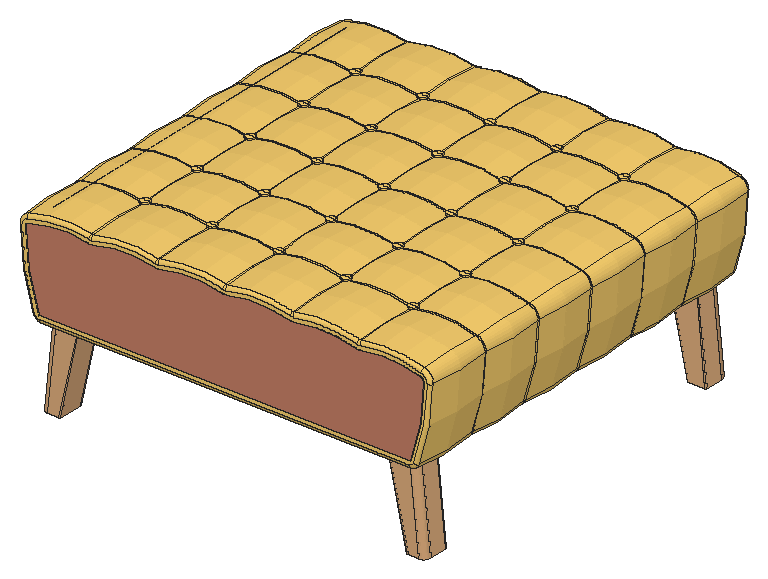
Revit family "Chair-GR8-Multi_Purpose-Allermuir-Grainger", category Furniture, Revit 2012
Parameters (values of type "GR 8")
  ecoScorecard_data = ""
  ecoScorecard Product Page = ""
  White Plastic Back Membrane = no
  Weight = 0.0 lbf
  URL = ""
  Swaged Tubular Steel Legs = ""
  Subcategory = "Soft Seating"
  Stacks = no
  Specifications URL = ""
  Seat = Fabric - Allermuir - Yellow
  Product Page URL = "http://www.allermuir.net/Products.aspx?RangeId=508"
  Product Line = "Grainger"
  Pricing URL = ""
  Plugin Data URL = ""
  Overall Width = 37"  # constant formula
  Overall Height = 16 35/64"  # constant formula
  Overall Depth = 35 19/32"  # constant formula
  Optional Feature Notes = ""
  Model = "GR 8"  # constant formula
  Manufacturer Toll Free Phone = "(888) 887 5806"  # constant formula
  Manufacturer Phone = "(419) 887 5806"  # constant formula
  Manufacturer Fax = "(419) 887 5805"  # constant formula
  Manufacturer Email = "mailto:contact@allermuir-na.com"
  Manufacturer Address = "1630 Holland Road, Maumee, Ohio 43537 "  # constant formula
  Manufacturer = "Allermuir"  # constant formula
  LEED Stats URL = ""
  Inner Seat = Fabric - Allermuir - Brown
  Fabric Spec Sheets = ""
  Description = "Large Ottoman"  # constant formula
  Color Availability = ""
  CAD Blocks URL = ""
  Brochure URL = ""
  Base or Frame [instance] = ""
  Base Type = ""
  Base = Wood - Allermuir -  Teak
  Assembly Code = "E2020200"
  95 CSI = "12510"  # constant formula
  04 CSI = "12 51 00"  # constant formula
Reference planes (in)
  plane 1 "Center Front/Back": y = 0
  plane 2: z = 0
  plane 3 "Center Left/Right": x = 0
  plane 4: z = 16.54687
  plane 5 "Left": x = -18.5
  plane 6 "Right": x = 18.5
  plane 7: y = 17.79688
  plane 8: y = -17.79688
Dimensions and locks (in)
  "Overall Height": plane 4 to level
  equal spacing: plane 5 "Left", plane 3 "Center Left/Right", plane 6 "Right"
  equal spacing: plane 7, plane 1 "Center Front/Back", plane 8
  "Overall Depth": plane 7 to plane 8
  "Overall Width": plane 5 "Left" to plane 6 "Right"
  aligned and locked: plane 3 "Center Left/Right" to nested 1
  aligned and locked: plane 1 "Center Front/Back" to nested 1
Nested families (in)
  nested 1: "GR-8" at (0, 0, 0), type "GR-8"
Definition of nested family "GR-8"
  Parameters (values of type "GR-8")
    Width = 37"
    Seat = Fabric - Allermuir - Yellow
    Legs = Wood - Allermuir -  Teak
    Ineer Seat = Fabric - Allermuir - Brown
    Height = 16 35/64"
    Depth = 35 19/32"
  Reference planes (in)
    plane 1 "Center (Front/Back)": y = 0
    plane 2: z = 0
    plane 3 "Center (Left/Right)": x = 0
    plane 4: z = 16.54688
    plane 5: y = 17.79688
    plane 6: y = -17.79688
    plane 7: x = -12.36546
    plane 8: x = -11.55851
    plane 9: x = -12.36546
    plane 10: x = -11.55851
    plane 11: x = -12.36546
    plane 12: x = -11.55851
    plane 13: x = -12.36546
    plane 14: x = -11.55851
    plane 15: x = -12.36546
    plane 16: x = -11.55851
    plane 17: x = -6.37371
    plane 18: x = -5.56676
    plane 19: x = -6.37371
    plane 20: x = -5.56676
    plane 21: x = -6.37371
    plane 22: x = -5.56676
    plane 23: x = -6.37371
    plane 24: x = -5.56676
    plane 25: x = -6.37371
    plane 26: x = -5.56676
    plane 27: x = -0.40333
    plane 28: x = 0.40362
    plane 29: x = 12.36546
    plane 30: x = 11.55851
    plane 31: x = 12.36546
    plane 32: x = 11.55851
    plane 33: x = 12.36546
    plane 34: x = 11.55851
    plane 35: x = 12.36546
    plane 36: x = 11.55851
    plane 37: x = 12.36546
    plane 38: x = 11.55851
    plane 39: x = 6.37371
    plane 40: x = 5.56676
    plane 41: x = 6.37371
    plane 42: x = 5.56676
    plane 43: x = 6.37371
    plane 44: x = 5.56676
    plane 45: x = 6.37371
    plane 46: x = 5.56676
    plane 47: x = 6.37371
    plane 48: x = 5.56676
    plane 49: x = -0.40333
    plane 50: x = 0.40362
    plane 51: x = -0.40333
    plane 52: x = 0.40362
    plane 53: x = -0.40333
    plane 54: x = 0.40362
    plane 55: x = -0.40333
    plane 56: x = 0.40362
    plane 57: x = -18.5
    plane 58: x = 18.5
  Forms (in)
    Sweep 1, solid, material "Fabric - Allermuir - Yellow" <- "Seat"
      path origin (0, 0, 0) x (1, 0, 0) y (0, 0, 1)
        loop
          arc (-17.01018, 8.1418) -> (-16.7977, 7.8685) -> (-16.46761, 7.7642) r 0.58203
          arc (-16.46761, 7.7642) -> (0.00028, 7.73062) -> (16.46817, 7.76407) r 4045.28692
          arc (16.46817, 7.76407) -> (16.79775, 7.86819) -> (17.0099, 8.14105) r 0.58113
          arc (17.0099, 8.14105) -> (17.91877, 11.46146) -> (18.20641, 14.89196) r 18.78425
          arc (18.20641, 14.89196) -> (18.02869, 15.42367) -> (17.57218, 15.74909) r 0.90625
          arc (17.57218, 15.74909) -> (14.84416, 16.2346) -> (12.08242, 16.00968) r 10.79515
          arc (12.08242, 16.00968) -> (11.96395, 15.9989) -> (11.84629, 16.01642) r 0.5
          arc (11.84629, 16.01642) -> (8.99201, 16.43763) -> (6.11969, 16.16543) r 12.00082
          arc (6.11969, 16.16543) -> (6.00463, 16.15399) -> (5.89002, 16.16928) r 0.5
          arc (5.89002, 16.16928) -> (3.00531, 16.54247) -> (0.11452, 16.21981) r 12.15866
          arc (0.11452, 16.21981) -> (0.00002, 16.20653) -> (-0.11447, 16.21981) r 0.5
          arc (-0.11447, 16.21981) -> (-3.00533, 16.54241) -> (-5.89009, 16.16925) r 12.16047
          arc (-5.89009, 16.16925) -> (-6.0048, 16.15396) -> (-6.11995, 16.16545) r 0.5
          arc (-6.11995, 16.16545) -> (-8.99142, 16.43813) -> (-11.8448, 16.0163) r 11.97522
          arc (-11.8448, 16.0163) -> (-11.96236, 15.99873) -> (-12.08075, 16.00941) r 0.5
          arc (-12.08075, 16.00941) -> (-14.84247, 16.23337) -> (-17.57073, 15.74975) r 10.83804
          arc (-17.57073, 15.74975) -> (-18.02826, 15.42423) -> (-18.20642, 14.89173) r 0.90684
          arc (-18.20642, 14.89173) -> (-17.91882, 11.46173) -> (-17.01018, 8.1418) r 18.78425
      profile origin (-17.91882, 0, 11.46173) x (-0.984657, 0, -0.174502) y (0, -1, 0)
        loop
          arc (0.20725, -11.66588) -> (0.41371, -8.83623) -> (0.24021, -6.00437) r 21.18421
          arc (0.24021, -6.00437) -> (0.23611, -5.94184) -> (0.23986, -5.8793) r 0.5
          arc (0.23986, -5.8793) -> (0.41953, -2.97596) -> (0.24582, -0.07226) r 23.94484
          arc (0.24582, -0.07226) -> (0.24219, -0.01186) -> (0.24589, 0.04853) r 0.5
          arc (0.24589, 0.04853) -> (0.41829, 2.9353) -> (0.23243, 5.82123) r 23.34349
          arc (0.23243, 5.82123) -> (0.22846, 5.88701) -> (0.23317, 5.95275) r 0.5
          arc (0.23317, 5.95275) -> (0.42394, 8.81253) -> (0.20868, 11.67057) r 20.23197
          arc (0.20868, 11.67057) -> (0.20337, 11.74017) -> (0.2078, 11.80984) r 0.5
          arc (0.2078, 11.80984) -> (0.3917, 14.67042) -> (0.17927, 17.52902) r 20.73218
          arc (0.17927, 17.52902) -> (0.07455, 17.7206) -> (-0.13002, 17.79688) r 0.3125
          line (-0.13002, 17.79688) -> (-0.44093, 17.79688) -> (-0.44093, -17.79688) -> (-0.12658, -17.79688)
          arc (-0.12658, -17.79688) -> (0.07819, -17.72044) -> (0.18279, -17.52852) r 0.3125
          arc (0.18279, -17.52852) -> (0.39201, -14.66611) -> (0.2068, -11.80206) r 20.88358
          arc (0.2068, -11.80206) -> (0.20237, -11.73395) -> (0.20725, -11.66588) r 0.5
    Extrusion 2, solid, material "Fabric - Allermuir - Brown" <- "Ineer Seat"
      sketch origin (0, 0, 0) x (1, 0, 0) y (0, 0, 1)
        loop
          arc (-16.59734, 8.29667) -> (-16.54583, 8.23042) -> (-16.46581, 8.20513) r 0.1411
          arc (-16.46581, 8.20513) -> (0.00028, 8.17155) -> (16.46638, 8.205) r 4044.84599
          arc (16.46638, 8.205) -> (16.54589, 8.23012) -> (16.59707, 8.29595) r 0.1402
          arc (16.59707, 8.29595) -> (17.4846, 11.53841) -> (17.7655, 14.88839) r 18.34332
          arc (17.7655, 14.88839) -> (17.67424, 15.1614) -> (17.43985, 15.32848) r 0.46532
          arc (17.43985, 15.32848) -> (14.82326, 15.79416) -> (12.17432, 15.57843) r 10.35422
          arc (12.17432, 15.57843) -> (11.95138, 15.55815) -> (11.72995, 15.59111) r 0.94093
          arc (11.72995, 15.59111) -> (8.98054, 15.99685) -> (6.21375, 15.73464) r 11.55988
          arc (6.21375, 15.73464) -> (5.99723, 15.71312) -> (5.78155, 15.7419) r 0.94093
          arc (5.78155, 15.7419) -> (3.00145, 16.10155) -> (0.21549, 15.7906) r 11.71773
          arc (0.21549, 15.7906) -> (0.00003, 15.76559) -> (-0.21544, 15.79059) r 0.94093
          arc (-0.21544, 15.79059) -> (-3.00147, 16.1015) -> (-5.78163, 15.74187) r 11.71953
          arc (-5.78163, 15.74187) -> (-5.99749, 15.71309) -> (-6.21419, 15.7347) r 0.94093
          arc (-6.21419, 15.7347) -> (-8.97994, 15.99735) -> (-11.72826, 15.59105) r 11.53429
          arc (-11.72826, 15.59105) -> (-11.94949, 15.55799) -> (-12.17228, 15.57808) r 0.94093
          arc (-12.17228, 15.57808) -> (-14.82164, 15.79293) -> (-17.4389, 15.32899) r 10.39711
          arc (-17.4389, 15.32899) -> (-17.67396, 15.16174) -> (-17.7655, 14.88816) r 0.46591
          arc (-17.7655, 14.88816) -> (-17.48465, 11.53868) -> (-16.59734, 8.29667) r 18.34332
      from -17.79687 to 17.79688
    Blend 3, solid, material "Wood - Allermuir -  Teak" <- "Legs"
      base sketch origin (-0.00781, 5.90625, 0) x (-1, 0, 0) y (0, -1, 0)
        loop
          arc (-17.10732, -10.33382) -> (-16.93639, -10.74647) -> (-16.52374, -10.91739) r 0.58357
          line (-16.52374, -10.91739) -> (-15.54802, -10.91739)
          arc (-15.54802, -10.91739) -> (-15.4912, -10.89386) -> (-15.46767, -10.83704) r 0.08035
          line (-15.46767, -10.83704) -> (-15.46767, -8.63538)
          arc (-15.46767, -8.63538) -> (-15.49046, -8.58036) -> (-15.54547, -8.55757) r 0.0778
          line (-15.54547, -8.55757) -> (-17.02899, -8.55757)
          arc (-17.02899, -8.55757) -> (-17.08437, -8.58052) -> (-17.10732, -8.6359) r 0.07833
          line (-17.10732, -8.6359) -> (-17.10732, -10.33382)
      top sketch origin (-0.00781, 5.90625, 0) x (-1, 0, 0) y (0, -1, 0)
        loop
          line (-13.73079, -10.83872) -> (-13.73079, -8.6344)
          arc (-13.73079, -8.6344) -> (-13.7533, -8.58008) -> (-13.80762, -8.55757) r 0.07682
          line (-13.80762, -8.55757) -> (-16.27015, -8.55757)
          arc (-16.27015, -8.55757) -> (-16.32547, -8.58049) -> (-16.34838, -8.63581) r 0.07824
          line (-16.34838, -8.63581) -> (-16.34838, -10.34382)
          arc (-16.34838, -10.34382) -> (-16.18039, -10.7494) -> (-15.77481, -10.91739) r 0.57358
          line (-15.77481, -10.91739) -> (-13.80946, -10.91739)
          arc (-13.80946, -10.91739) -> (-13.75384, -10.89435) -> (-13.73079, -10.83872) r 0.07867
      from 0 to 7.76426
    Blend 4, solid, material "Wood - Allermuir -  Teak" <- "Legs"
      base sketch origin (0.00781, 5.90625, 0) x (1, 0, 0) y (0, 1, 0)
        loop
          line (-17.10732, 10.33382) -> (-17.10732, 8.6359)
          arc (-17.10732, 8.6359) -> (-17.08437, 8.58052) -> (-17.02899, 8.55757) r 0.07833
          line (-17.02899, 8.55757) -> (-15.54547, 8.55757)
          arc (-15.54547, 8.55757) -> (-15.49046, 8.58036) -> (-15.46767, 8.63538) r 0.0778
          line (-15.46767, 8.63538) -> (-15.46767, 10.83704)
          arc (-15.46767, 10.83704) -> (-15.4912, 10.89386) -> (-15.54802, 10.91739) r 0.08035
          line (-15.54802, 10.91739) -> (-16.52374, 10.91739)
          arc (-16.52374, 10.91739) -> (-16.93639, 10.74647) -> (-17.10732, 10.33382) r 0.58357
      top sketch origin (0.00781, 5.90625, 0) x (1, 0, 0) y (0, 1, 0)
        loop
          arc (-13.73079, 10.83872) -> (-13.75384, 10.89435) -> (-13.80946, 10.91739) r 0.07867
          line (-13.80946, 10.91739) -> (-15.77481, 10.91739)
          arc (-15.77481, 10.91739) -> (-16.18039, 10.7494) -> (-16.34838, 10.34382) r 0.57358
          line (-16.34838, 10.34382) -> (-16.34838, 8.63581)
          arc (-16.34838, 8.63581) -> (-16.32547, 8.58049) -> (-16.27015, 8.55757) r 0.07824
          line (-16.27015, 8.55757) -> (-13.80762, 8.55757)
          arc (-13.80762, 8.55757) -> (-13.7533, 8.58008) -> (-13.73079, 8.6344) r 0.07682
          line (-13.73079, 8.6344) -> (-13.73079, 10.83872)
      from 0 to 7.76426
    Blend 5, solid, material "Wood - Allermuir -  Teak" <- "Legs"
      base sketch origin (-0.00781, -5.90625, 0) x (-1, 0, 0) y (0, -1, 0)
        loop
          line (-17.10732, 10.33382) -> (-17.10732, 8.6359)
          arc (-17.10732, 8.6359) -> (-17.08437, 8.58052) -> (-17.02899, 8.55757) r 0.07833
          line (-17.02899, 8.55757) -> (-15.54547, 8.55757)
          arc (-15.54547, 8.55757) -> (-15.49046, 8.58036) -> (-15.46767, 8.63538) r 0.0778
          line (-15.46767, 8.63538) -> (-15.46767, 10.83704)
          arc (-15.46767, 10.83704) -> (-15.4912, 10.89386) -> (-15.54802, 10.91739) r 0.08035
          line (-15.54802, 10.91739) -> (-16.52374, 10.91739)
          arc (-16.52374, 10.91739) -> (-16.93639, 10.74647) -> (-17.10732, 10.33382) r 0.58357
      top sketch origin (-0.00781, -5.90625, 0) x (-1, 0, 0) y (0, -1, 0)
        loop
          arc (-13.73079, 10.83872) -> (-13.75384, 10.89435) -> (-13.80946, 10.91739) r 0.07867
          line (-13.80946, 10.91739) -> (-15.77481, 10.91739)
          arc (-15.77481, 10.91739) -> (-16.18039, 10.7494) -> (-16.34838, 10.34382) r 0.57358
          line (-16.34838, 10.34382) -> (-16.34838, 8.63581)
          arc (-16.34838, 8.63581) -> (-16.32547, 8.58049) -> (-16.27015, 8.55757) r 0.07824
          line (-16.27015, 8.55757) -> (-13.80762, 8.55757)
          arc (-13.80762, 8.55757) -> (-13.7533, 8.58008) -> (-13.73079, 8.6344) r 0.07682
          line (-13.73079, 8.6344) -> (-13.73079, 10.83872)
      from 0 to 7.76426
    Blend 6, solid, material "Wood - Allermuir -  Teak" <- "Legs"
      base sketch origin (0.00781, -5.90625, 0) x (1, 0, 0) y (0, 1, 0)
        loop
          arc (-17.10732, -10.33382) -> (-16.93639, -10.74647) -> (-16.52374, -10.91739) r 0.58357
          line (-16.52374, -10.91739) -> (-15.54802, -10.91739)
          arc (-15.54802, -10.91739) -> (-15.4912, -10.89386) -> (-15.46767, -10.83704) r 0.08035
          line (-15.46767, -10.83704) -> (-15.46767, -8.63538)
          arc (-15.46767, -8.63538) -> (-15.49046, -8.58036) -> (-15.54547, -8.55757) r 0.0778
          line (-15.54547, -8.55757) -> (-17.02899, -8.55757)
          arc (-17.02899, -8.55757) -> (-17.08437, -8.58052) -> (-17.10732, -8.6359) r 0.07833
          line (-17.10732, -8.6359) -> (-17.10732, -10.33382)
      top sketch origin (0.00781, -5.90625, 0) x (1, 0, 0) y (0, 1, 0)
        loop
          line (-13.73079, -10.83872) -> (-13.73079, -8.6344)
          arc (-13.73079, -8.6344) -> (-13.7533, -8.58008) -> (-13.80762, -8.55757) r 0.07682
          line (-13.80762, -8.55757) -> (-16.27015, -8.55757)
          arc (-16.27015, -8.55757) -> (-16.32547, -8.58049) -> (-16.34838, -8.63581) r 0.07824
          line (-16.34838, -8.63581) -> (-16.34838, -10.34382)
          arc (-16.34838, -10.34382) -> (-16.18039, -10.7494) -> (-15.77481, -10.91739) r 0.57358
          line (-15.77481, -10.91739) -> (-13.80946, -10.91739)
          arc (-13.80946, -10.91739) -> (-13.75384, -10.89435) -> (-13.73079, -10.83872) r 0.07867
      from 0 to 7.76426
    Revolve 7, solid, material "Fabric - Allermuir - Yellow" <- "Seat"
      sketch origin (0, -0.00781, 0.8125) x (1, 0, 0) y (0, 0, 1)
        loop
          arc (-11.96198, 15.60489) -> (-12.15812, 15.6038) -> (-12.34734, 15.55216) r 0.75403
          arc (-12.34734, 15.55216) -> (-12.36621, 15.52241) -> (-12.34481, 15.49442) r 0.0308
          arc (-12.34481, 15.49442) -> (-12.26171, 15.47143) -> (-12.17706, 15.45503) r 1.0991
          arc (-12.17706, 15.45503) -> (-12.15892, 15.44732) -> (-12.1467, 15.43185) r 0.03985
          line (-12.1467, 15.43185) -> (-11.96198, 15.01697) -> (-11.96198, 15.60489)
        axis (-11.96198, 15.60489) -> (-11.96198, 15.01697)
      angle from 0 to 360
    Revolve 8, solid, material "Fabric - Allermuir - Yellow" <- "Seat"
      sketch origin (0, 5.96723, 0.8125) x (1, 0, 0) y (0, 0, 1)
        loop
          arc (-11.96198, 15.60489) -> (-12.15812, 15.6038) -> (-12.34734, 15.55216) r 0.75403
          arc (-12.34734, 15.55216) -> (-12.36621, 15.52241) -> (-12.34481, 15.49442) r 0.0308
          arc (-12.34481, 15.49442) -> (-12.26171, 15.47143) -> (-12.17706, 15.45503) r 1.0991
          arc (-12.17706, 15.45503) -> (-12.15892, 15.44732) -> (-12.1467, 15.43185) r 0.03985
          line (-12.1467, 15.43185) -> (-11.96198, 15.01697) -> (-11.96198, 15.60489)
        axis (-11.96198, 15.60489) -> (-11.96198, 15.01697)
      angle from 0 to 360
    Revolve 9, solid, material "Fabric - Allermuir - Yellow" <- "Seat"
      sketch origin (0, -5.89215, 0.8125) x (1, 0, 0) y (0, 0, 1)
        loop
          arc (-11.96198, 15.60489) -> (-12.15812, 15.6038) -> (-12.34734, 15.55216) r 0.75403
          arc (-12.34734, 15.55216) -> (-12.36621, 15.52241) -> (-12.34481, 15.49442) r 0.0308
          arc (-12.34481, 15.49442) -> (-12.26171, 15.47143) -> (-12.17706, 15.45503) r 1.0991
          arc (-12.17706, 15.45503) -> (-12.15892, 15.44732) -> (-12.1467, 15.43185) r 0.03985
          line (-12.1467, 15.43185) -> (-11.96198, 15.01697) -> (-11.96198, 15.60489)
        axis (-11.96198, 15.60489) -> (-11.96198, 15.01697)
      angle from 0 to 360
    Revolve 10, solid, material "Fabric - Allermuir - Yellow" <- "Seat"
      sketch origin (0, 11.7641, 0.8125) x (1, 0, 0) y (0, 0, 1)
        loop
          arc (-11.96198, 15.60489) -> (-12.15812, 15.6038) -> (-12.34734, 15.55216) r 0.75403
          arc (-12.34734, 15.55216) -> (-12.36621, 15.52241) -> (-12.34481, 15.49442) r 0.0308
          arc (-12.34481, 15.49442) -> (-12.26171, 15.47143) -> (-12.17706, 15.45503) r 1.0991
          arc (-12.17706, 15.45503) -> (-12.15892, 15.44732) -> (-12.1467, 15.43185) r 0.03985
          line (-12.1467, 15.43185) -> (-11.96198, 15.01697) -> (-11.96198, 15.60489)
        axis (-11.96198, 15.60489) -> (-11.96198, 15.01697)
      angle from 0 to 360
    Revolve 11, solid, material "Fabric - Allermuir - Yellow" <- "Seat"
      sketch origin (0, -11.73301, 0.8125) x (1, 0, 0) y (0, 0, 1)
        loop
          arc (-11.96198, 15.60489) -> (-12.15812, 15.6038) -> (-12.34734, 15.55216) r 0.75403
          arc (-12.34734, 15.55216) -> (-12.36621, 15.52241) -> (-12.34481, 15.49442) r 0.0308
          arc (-12.34481, 15.49442) -> (-12.26171, 15.47143) -> (-12.17706, 15.45503) r 1.0991
          arc (-12.17706, 15.45503) -> (-12.15892, 15.44732) -> (-12.1467, 15.43185) r 0.03985
          line (-12.1467, 15.43185) -> (-11.96198, 15.01697) -> (-11.96198, 15.60489)
        axis (-11.96198, 15.60489) -> (-11.96198, 15.01697)
      angle from 0 to 360
    Revolve 12, solid, material "Fabric - Allermuir - Yellow" <- "Seat"
      sketch origin (5.99175, -11.73301, 0.99219) x (1, 0, 0) y (0, 0, 1)
        loop
          arc (-11.96198, 15.60489) -> (-12.15812, 15.6038) -> (-12.34734, 15.55216) r 0.75403
          arc (-12.34734, 15.55216) -> (-12.36621, 15.52241) -> (-12.34481, 15.49442) r 0.0308
          arc (-12.34481, 15.49442) -> (-12.26171, 15.47143) -> (-12.17706, 15.45503) r 1.0991
          arc (-12.17706, 15.45503) -> (-12.15892, 15.44732) -> (-12.1467, 15.43185) r 0.03985
          line (-12.1467, 15.43185) -> (-11.96198, 15.01697) -> (-11.96198, 15.60489)
        axis (-11.96198, 15.60489) -> (-11.96198, 15.01697)
      angle from 0 to 360
    Revolve 13, solid, material "Fabric - Allermuir - Yellow" <- "Seat"
      sketch origin (5.99175, -5.89707, 0.99219) x (1, 0, 0) y (0, 0, 1)
        loop
          arc (-11.96198, 15.60489) -> (-12.15812, 15.6038) -> (-12.34734, 15.55216) r 0.75403
          arc (-12.34734, 15.55216) -> (-12.36621, 15.52241) -> (-12.34481, 15.49442) r 0.0308
          arc (-12.34481, 15.49442) -> (-12.26171, 15.47143) -> (-12.17706, 15.45503) r 1.0991
          arc (-12.17706, 15.45503) -> (-12.15892, 15.44732) -> (-12.1467, 15.43185) r 0.03985
          line (-12.1467, 15.43185) -> (-11.96198, 15.01697) -> (-11.96198, 15.60489)
        axis (-11.96198, 15.60489) -> (-11.96198, 15.01697)
      angle from 0 to 360
    Revolve 14, solid, material "Fabric - Allermuir - Yellow" <- "Seat"
      sketch origin (5.99175, -0.01121, 0.99219) x (1, 0, 0) y (0, 0, 1)
        loop
          arc (-11.96198, 15.60489) -> (-12.15812, 15.6038) -> (-12.34734, 15.55216) r 0.75403
          arc (-12.34734, 15.55216) -> (-12.36621, 15.52241) -> (-12.34481, 15.49442) r 0.0308
          arc (-12.34481, 15.49442) -> (-12.26171, 15.47143) -> (-12.17706, 15.45503) r 1.0991
          arc (-12.17706, 15.45503) -> (-12.15892, 15.44732) -> (-12.1467, 15.43185) r 0.03985
          line (-12.1467, 15.43185) -> (-11.96198, 15.01697) -> (-11.96198, 15.60489)
        axis (-11.96198, 15.60489) -> (-11.96198, 15.01697)
      angle from 0 to 360
    Revolve 15, solid, material "Fabric - Allermuir - Yellow" <- "Seat"
      sketch origin (5.99175, 5.97555, 0.99219) x (1, 0, 0) y (0, 0, 1)
        loop
          arc (-11.96198, 15.60489) -> (-12.15812, 15.6038) -> (-12.34734, 15.55216) r 0.75403
          arc (-12.34734, 15.55216) -> (-12.36621, 15.52241) -> (-12.34481, 15.49442) r 0.0308
          arc (-12.34481, 15.49442) -> (-12.26171, 15.47143) -> (-12.17706, 15.45503) r 1.0991
          arc (-12.17706, 15.45503) -> (-12.15892, 15.44732) -> (-12.1467, 15.43185) r 0.03985
          line (-12.1467, 15.43185) -> (-11.96198, 15.01697) -> (-11.96198, 15.60489)
        axis (-11.96198, 15.60489) -> (-11.96198, 15.01697)
      angle from 0 to 360
    Revolve 16, solid, material "Fabric - Allermuir - Yellow" <- "Seat"
      sketch origin (5.99175, 11.76603, 0.99219) x (1, 0, 0) y (0, 0, 1)
        loop
          arc (-11.96198, 15.60489) -> (-12.15812, 15.6038) -> (-12.34734, 15.55216) r 0.75403
          arc (-12.34734, 15.55216) -> (-12.36621, 15.52241) -> (-12.34481, 15.49442) r 0.0308
          arc (-12.34481, 15.49442) -> (-12.26171, 15.47143) -> (-12.17706, 15.45503) r 1.0991
          arc (-12.17706, 15.45503) -> (-12.15892, 15.44732) -> (-12.1467, 15.43185) r 0.03985
          line (-12.1467, 15.43185) -> (-11.96198, 15.01697) -> (-11.96198, 15.60489)
        axis (-11.96198, 15.60489) -> (-11.96198, 15.01697)
      angle from 0 to 360
    Revolve 17, solid, material "Fabric - Allermuir - Yellow" <- "Seat"
      sketch origin (11.96213, 11.76603, 0.99219) x (1, 0, 0) y (0, 0, 1)
        loop
          arc (-11.96198, 15.60489) -> (-12.15812, 15.6038) -> (-12.34734, 15.55216) r 0.75403
          arc (-12.34734, 15.55216) -> (-12.36621, 15.52241) -> (-12.34481, 15.49442) r 0.0308
          arc (-12.34481, 15.49442) -> (-12.26171, 15.47143) -> (-12.17706, 15.45503) r 1.0991
          arc (-12.17706, 15.45503) -> (-12.15892, 15.44732) -> (-12.1467, 15.43185) r 0.03985
          line (-12.1467, 15.43185) -> (-11.96198, 15.01697) -> (-11.96198, 15.60489)
        axis (-11.96198, 15.60489) -> (-11.96198, 15.01697)
      angle from 0 to 360
    Revolve 18, solid, material "Fabric - Allermuir - Yellow" <- "Seat"
      sketch origin (0, -0.00781, 0.8125) x (-1, 0, 0) y (0, 0, -1)
        loop
          line (-11.96198, -15.60489) -> (-11.96198, -15.01697) -> (-12.1467, -15.43185)
          arc (-12.1467, -15.43185) -> (-12.15892, -15.44732) -> (-12.17706, -15.45503) r 0.03985
          arc (-12.17706, -15.45503) -> (-12.26171, -15.47143) -> (-12.34481, -15.49442) r 1.0991
          arc (-12.34481, -15.49442) -> (-12.36621, -15.52241) -> (-12.34734, -15.55216) r 0.0308
          arc (-12.34734, -15.55216) -> (-12.15812, -15.6038) -> (-11.96198, -15.60489) r 0.75403
        axis (-11.96198, -15.60489) -> (-11.96198, -15.01697)
      angle from 0 to 360
    Revolve 19, solid, material "Fabric - Allermuir - Yellow" <- "Seat"
      sketch origin (0, 5.96723, 0.8125) x (-1, 0, 0) y (0, 0, -1)
        loop
          line (-11.96198, -15.60489) -> (-11.96198, -15.01697) -> (-12.1467, -15.43185)
          arc (-12.1467, -15.43185) -> (-12.15892, -15.44732) -> (-12.17706, -15.45503) r 0.03985
          arc (-12.17706, -15.45503) -> (-12.26171, -15.47143) -> (-12.34481, -15.49442) r 1.0991
          arc (-12.34481, -15.49442) -> (-12.36621, -15.52241) -> (-12.34734, -15.55216) r 0.0308
          arc (-12.34734, -15.55216) -> (-12.15812, -15.6038) -> (-11.96198, -15.60489) r 0.75403
        axis (-11.96198, -15.60489) -> (-11.96198, -15.01697)
      angle from 0 to 360
    Revolve 20, solid, material "Fabric - Allermuir - Yellow" <- "Seat"
      sketch origin (0, -5.89215, 0.8125) x (-1, 0, 0) y (0, 0, -1)
        loop
          line (-11.96198, -15.60489) -> (-11.96198, -15.01697) -> (-12.1467, -15.43185)
          arc (-12.1467, -15.43185) -> (-12.15892, -15.44732) -> (-12.17706, -15.45503) r 0.03985
          arc (-12.17706, -15.45503) -> (-12.26171, -15.47143) -> (-12.34481, -15.49442) r 1.0991
          arc (-12.34481, -15.49442) -> (-12.36621, -15.52241) -> (-12.34734, -15.55216) r 0.0308
          arc (-12.34734, -15.55216) -> (-12.15812, -15.6038) -> (-11.96198, -15.60489) r 0.75403
        axis (-11.96198, -15.60489) -> (-11.96198, -15.01697)
      angle from 0 to 360
    Revolve 21, solid, material "Fabric - Allermuir - Yellow" <- "Seat"
      sketch origin (0, 11.7641, 0.8125) x (-1, 0, 0) y (0, 0, -1)
        loop
          line (-11.96198, -15.60489) -> (-11.96198, -15.01697) -> (-12.1467, -15.43185)
          arc (-12.1467, -15.43185) -> (-12.15892, -15.44732) -> (-12.17706, -15.45503) r 0.03985
          arc (-12.17706, -15.45503) -> (-12.26171, -15.47143) -> (-12.34481, -15.49442) r 1.0991
          arc (-12.34481, -15.49442) -> (-12.36621, -15.52241) -> (-12.34734, -15.55216) r 0.0308
          arc (-12.34734, -15.55216) -> (-12.15812, -15.6038) -> (-11.96198, -15.60489) r 0.75403
        axis (-11.96198, -15.60489) -> (-11.96198, -15.01697)
      angle from 0 to 360
    Revolve 22, solid, material "Fabric - Allermuir - Yellow" <- "Seat"
      sketch origin (0, -11.73301, 0.8125) x (-1, 0, 0) y (0, 0, -1)
        loop
          line (-11.96198, -15.60489) -> (-11.96198, -15.01697) -> (-12.1467, -15.43185)
          arc (-12.1467, -15.43185) -> (-12.15892, -15.44732) -> (-12.17706, -15.45503) r 0.03985
          arc (-12.17706, -15.45503) -> (-12.26171, -15.47143) -> (-12.34481, -15.49442) r 1.0991
          arc (-12.34481, -15.49442) -> (-12.36621, -15.52241) -> (-12.34734, -15.55216) r 0.0308
          arc (-12.34734, -15.55216) -> (-12.15812, -15.6038) -> (-11.96198, -15.60489) r 0.75403
        axis (-11.96198, -15.60489) -> (-11.96198, -15.01697)
      angle from 0 to 360
    Revolve 23, solid, material "Fabric - Allermuir - Yellow" <- "Seat"
      sketch origin (-5.99175, -11.73301, 0.99219) x (-1, 0, 0) y (0, 0, -1)
        loop
          line (-11.96198, -15.60489) -> (-11.96198, -15.01697) -> (-12.1467, -15.43185)
          arc (-12.1467, -15.43185) -> (-12.15892, -15.44732) -> (-12.17706, -15.45503) r 0.03985
          arc (-12.17706, -15.45503) -> (-12.26171, -15.47143) -> (-12.34481, -15.49442) r 1.0991
          arc (-12.34481, -15.49442) -> (-12.36621, -15.52241) -> (-12.34734, -15.55216) r 0.0308
          arc (-12.34734, -15.55216) -> (-12.15812, -15.6038) -> (-11.96198, -15.60489) r 0.75403
        axis (-11.96198, -15.60489) -> (-11.96198, -15.01697)
      angle from 0 to 360
    Revolve 24, solid, material "Fabric - Allermuir - Yellow" <- "Seat"
      sketch origin (-5.99175, -5.89707, 0.99219) x (-1, 0, 0) y (0, 0, -1)
        loop
          line (-11.96198, -15.60489) -> (-11.96198, -15.01697) -> (-12.1467, -15.43185)
          arc (-12.1467, -15.43185) -> (-12.15892, -15.44732) -> (-12.17706, -15.45503) r 0.03985
          arc (-12.17706, -15.45503) -> (-12.26171, -15.47143) -> (-12.34481, -15.49442) r 1.0991
          arc (-12.34481, -15.49442) -> (-12.36621, -15.52241) -> (-12.34734, -15.55216) r 0.0308
          arc (-12.34734, -15.55216) -> (-12.15812, -15.6038) -> (-11.96198, -15.60489) r 0.75403
        axis (-11.96198, -15.60489) -> (-11.96198, -15.01697)
      angle from 0 to 360
    Revolve 25, solid, material "Fabric - Allermuir - Yellow" <- "Seat"
      sketch origin (-5.99175, -0.01121, 0.99219) x (-1, 0, 0) y (0, 0, -1)
        loop
          line (-11.96198, -15.60489) -> (-11.96198, -15.01697) -> (-12.1467, -15.43185)
          arc (-12.1467, -15.43185) -> (-12.15892, -15.44732) -> (-12.17706, -15.45503) r 0.03985
          arc (-12.17706, -15.45503) -> (-12.26171, -15.47143) -> (-12.34481, -15.49442) r 1.0991
          arc (-12.34481, -15.49442) -> (-12.36621, -15.52241) -> (-12.34734, -15.55216) r 0.0308
          arc (-12.34734, -15.55216) -> (-12.15812, -15.6038) -> (-11.96198, -15.60489) r 0.75403
        axis (-11.96198, -15.60489) -> (-11.96198, -15.01697)
      angle from 0 to 360
    Revolve 26, solid, material "Fabric - Allermuir - Yellow" <- "Seat"
      sketch origin (-5.99175, 5.97555, 0.99219) x (-1, 0, 0) y (0, 0, -1)
        loop
          line (-11.96198, -15.60489) -> (-11.96198, -15.01697) -> (-12.1467, -15.43185)
          arc (-12.1467, -15.43185) -> (-12.15892, -15.44732) -> (-12.17706, -15.45503) r 0.03985
          arc (-12.17706, -15.45503) -> (-12.26171, -15.47143) -> (-12.34481, -15.49442) r 1.0991
          arc (-12.34481, -15.49442) -> (-12.36621, -15.52241) -> (-12.34734, -15.55216) r 0.0308
          arc (-12.34734, -15.55216) -> (-12.15812, -15.6038) -> (-11.96198, -15.60489) r 0.75403
        axis (-11.96198, -15.60489) -> (-11.96198, -15.01697)
      angle from 0 to 360
    Revolve 27, solid, material "Fabric - Allermuir - Yellow" <- "Seat"
      sketch origin (-5.99175, 11.76603, 0.99219) x (-1, 0, 0) y (0, 0, -1)
        loop
          line (-11.96198, -15.60489) -> (-11.96198, -15.01697) -> (-12.1467, -15.43185)
          arc (-12.1467, -15.43185) -> (-12.15892, -15.44732) -> (-12.17706, -15.45503) r 0.03985
          arc (-12.17706, -15.45503) -> (-12.26171, -15.47143) -> (-12.34481, -15.49442) r 1.0991
          arc (-12.34481, -15.49442) -> (-12.36621, -15.52241) -> (-12.34734, -15.55216) r 0.0308
          arc (-12.34734, -15.55216) -> (-12.15812, -15.6038) -> (-11.96198, -15.60489) r 0.75403
        axis (-11.96198, -15.60489) -> (-11.96198, -15.01697)
      angle from 0 to 360
    Revolve 28, solid, material "Fabric - Allermuir - Yellow" <- "Seat"
      sketch origin (11.96213, 5.96915, 0.99219) x (1, 0, 0) y (0, 0, 1)
        loop
          arc (-11.96198, 15.60489) -> (-12.15812, 15.6038) -> (-12.34734, 15.55216) r 0.75403
          arc (-12.34734, 15.55216) -> (-12.36621, 15.52241) -> (-12.34481, 15.49442) r 0.0308
          arc (-12.34481, 15.49442) -> (-12.26171, 15.47143) -> (-12.17706, 15.45503) r 1.0991
          arc (-12.17706, 15.45503) -> (-12.15892, 15.44732) -> (-12.1467, 15.43185) r 0.03985
          line (-12.1467, 15.43185) -> (-11.96198, 15.01697) -> (-11.96198, 15.60489)
        axis (-11.96198, 15.60489) -> (-11.96198, 15.01697)
      angle from 0 to 360
    Revolve 29, solid, material "Fabric - Allermuir - Yellow" <- "Seat"
      sketch origin (11.96213, -0.0213, 0.99219) x (1, 0, 0) y (0, 0, 1)
        loop
          arc (-11.96198, 15.60489) -> (-12.15812, 15.6038) -> (-12.34734, 15.55216) r 0.75403
          arc (-12.34734, 15.55216) -> (-12.36621, 15.52241) -> (-12.34481, 15.49442) r 0.0308
          arc (-12.34481, 15.49442) -> (-12.26171, 15.47143) -> (-12.17706, 15.45503) r 1.0991
          arc (-12.17706, 15.45503) -> (-12.15892, 15.44732) -> (-12.1467, 15.43185) r 0.03985
          line (-12.1467, 15.43185) -> (-11.96198, 15.01697) -> (-11.96198, 15.60489)
        axis (-11.96198, 15.60489) -> (-11.96198, 15.01697)
      angle from 0 to 360
    Revolve 30, solid, material "Fabric - Allermuir - Yellow" <- "Seat"
      sketch origin (11.96213, -5.90411, 0.99219) x (1, 0, 0) y (0, 0, 1)
        loop
          arc (-11.96198, 15.60489) -> (-12.15812, 15.6038) -> (-12.34734, 15.55216) r 0.75403
          arc (-12.34734, 15.55216) -> (-12.36621, 15.52241) -> (-12.34481, 15.49442) r 0.0308
          arc (-12.34481, 15.49442) -> (-12.26171, 15.47143) -> (-12.17706, 15.45503) r 1.0991
          arc (-12.17706, 15.45503) -> (-12.15892, 15.44732) -> (-12.1467, 15.43185) r 0.03985
          line (-12.1467, 15.43185) -> (-11.96198, 15.01697) -> (-11.96198, 15.60489)
        axis (-11.96198, 15.60489) -> (-11.96198, 15.01697)
      angle from 0 to 360
    Revolve 31, solid, material "Fabric - Allermuir - Yellow" <- "Seat"
      sketch origin (11.96213, -11.72442, 0.99219) x (1, 0, 0) y (0, 0, 1)
        loop
          arc (-11.96198, 15.60489) -> (-12.15812, 15.6038) -> (-12.34734, 15.55216) r 0.75403
          arc (-12.34734, 15.55216) -> (-12.36621, 15.52241) -> (-12.34481, 15.49442) r 0.0308
          arc (-12.34481, 15.49442) -> (-12.26171, 15.47143) -> (-12.17706, 15.45503) r 1.0991
          arc (-12.17706, 15.45503) -> (-12.15892, 15.44732) -> (-12.1467, 15.43185) r 0.03985
          line (-12.1467, 15.43185) -> (-11.96198, 15.01697) -> (-11.96198, 15.60489)
        axis (-11.96198, 15.60489) -> (-11.96198, 15.01697)
      angle from 0 to 360
  Lines and regions (in)
    symbolic lines, style "Table"
      curve 1: circle (-11.96102, 11.7652, 0) r 0.40564 normal (0, 0, 1)
      curve 2: circle (-5.96883, 11.7652, 0) r 0.40564 normal (0, 0, 1)
      curve 3: circle (0, 11.7652, 0) r 0.40564 normal (0, 0, 1)
      curve 4: circle (0, 5.96833, 0) r 0.40564 normal (0, 0, 1)
      curve 5: circle (-5.96875, 5.97614, 0) r 0.40564 normal (0, 0, 1)
      curve 6: circle (-11.96094, 5.96833, 0) r 0.40564 normal (0, 0, 1)
      curve 7: circle (11.96102, 11.7652, 0) r 0.40564 normal (0, 0, -1)
      curve 8: circle (5.96883, 11.7652, 0) r 0.40564 normal (0, 0, -1)
      curve 9: circle (5.96875, 5.97614, 0) r 0.40564 normal (0, 0, -1)
      curve 10: circle (11.96094, 5.96833, 0) r 0.40564 normal (0, 0, -1)
      curve 11: circle (-11.96102, -11.72614, 0) r 0.40564 normal (0, 0, -1)
      curve 12: circle (-5.96883, -11.72614, 0) r 0.40564 normal (0, 0, -1)
      curve 13: circle (0, -11.72614, 0) r 0.40564 normal (0, 0, -1)
      curve 14: circle (0, -5.8902, 0) r 0.40564 normal (0, 0, -1)
      curve 15: circle (-5.96875, -5.89801, 0) r 0.40564 normal (0, 0, -1)
      curve 16: circle (-11.96094, -5.8902, 0) r 0.40564 normal (0, 0, -1)
      curve 17: circle (11.96102, -11.72614, 0) r 0.40564 normal (0, 0, 1)
      curve 18: circle (5.96883, -11.72614, 0) r 0.40564 normal (0, 0, 1)
      curve 19: circle (5.96875, -5.89801, 0) r 0.40564 normal (0, 0, 1)
      curve 20: circle (11.96094, -5.8902, 0) r 0.40564 normal (0, 0, 1)
      curve 21: circle (0, -0.01562, 0) r 0.40564 normal (0, 0, -1)
      curve 22: circle (-5.96875, -0.00781, 0) r 0.40564 normal (0, 0, -1)
      curve 23: circle (-11.96094, 0, 0) r 0.40564 normal (0, 0, -1)
      curve 24: circle (5.96875, -0.00781, 0) r 0.40564 normal (0, 0, 1)
      curve 25: circle (11.96094, 0, 0) r 0.40564 normal (0, 0, 1)
      curve 26: line (-11.96102, -12.13178, 0) -> (-11.96102, -17.79688, 0)
      curve 27: line (-11.96102, -11.3205, 0) -> (-11.96102, -6.29584, 0)
      curve 28: line (-11.96094, -5.48456, 0) -> (-11.96094, -0.40564, 0)
      curve 29: line (-11.96094, 0.40564, 0) -> (-11.96094, 5.56269, 0)
      curve 30: line (-11.96094, 6.37397, 0) -> (-11.96094, 11.35956, 0)
      curve 31: line (-11.96102, 12.17084, 0) -> (-11.96102, 17.79687, 0)
      curve 32: line (-12.36666, -11.72614, 0) -> (-18.43695, -11.72614, 0)
      curve 33: arc (-18.38666, 17.53104, 0) -> (-18.60482, 14.64858, 0) -> (-18.39823, 11.76528, 0) r 19.6728
      curve 34: arc (-18.39823, 11.76528, 0) -> (-18.62477, 8.87804, 0) -> (-18.44376, 5.98759, 0) r 20.57933
      curve 35: arc (-18.44376, 5.98759, 0) -> (-18.62006, 2.9938, 0) -> (-18.44376, 0, 0) r 25.50618
      curve 36: arc (-18.44376, 0, 0) -> (-18.61601, -2.94326, 0) -> (-18.44376, -5.88651, 0) r 25.23094
      curve 37: arc (-18.44376, -5.88651, 0) -> (-18.64461, -8.79522, 0) -> (-18.43223, -11.7031, 0) r 20.57199
      curve 38: arc (-18.43223, -11.7031, 0) -> (-18.59934, -14.61688, 0) -> (-18.38531, -17.52759, 0) r 22.34783
      curve 39: line (18.07767, 17.79687, 0) -> (-18.07792, 17.79687, 0)
      curve 40: line (-18.07581, -17.79688, 0) -> (18.07581, -17.79688, 0)
      curve 41: arc (-18.07792, 17.79687, 0) -> (-18.28163, 17.72126, 0) -> (-18.38666, 17.53104, 0) r 0.31221
      curve 42: arc (-18.38531, -17.52759, 0) -> (-18.28093, -17.72013, 0) -> (-18.07581, -17.79688, 0) r 0.3125
      curve 43: arc (18.3867, 17.53079, 0) -> (18.60482, 14.64846, 0) -> (18.39823, 11.76528, 0) r 19.6728
      curve 44: arc (18.39823, 11.76528, 0) -> (18.62477, 8.87804, 0) -> (18.44376, 5.98759, 0) r 20.57933
      curve 45: arc (18.44376, 5.98759, 0) -> (18.62006, 2.9938, 0) -> (18.44376, 0, 0) r 25.50618
      curve 46: arc (18.44376, 0, 0) -> (18.61601, -2.94326, 0) -> (18.44376, -5.88651, 0) r 25.23094
      curve 47: arc (18.44376, -5.88651, 0) -> (18.64461, -8.79522, 0) -> (18.43223, -11.7031, 0) r 20.57199
      curve 48: arc (18.43223, -11.7031, 0) -> (18.59934, -14.61688, 0) -> (18.38531, -17.52759, 0) r 22.34783
      curve 49: line (-12.36658, -5.8902, 0) -> (-18.44428, -5.8902, 0)
      curve 50: line (-12.36658, 0, 0) -> (-18.44376, 0, 0)
      curve 51: line (-12.36658, 5.96833, 0) -> (-18.44603, 5.96833, 0)
      curve 52: line (-12.36666, 11.7652, 0) -> (-18.39824, 11.7652, 0)
      curve 53: line (-5.96883, 12.17084, 0) -> (-5.96883, 17.79687, 0)
      curve 54: line (-5.96883, 11.35956, 0) -> (-5.96883, 6.38178, 0)
      curve 55: line (-5.96875, 5.5705, 0) -> (-5.96875, 0.39783, 0)
      curve 56: line (-5.96875, -0.41345, 0) -> (-5.96875, -5.49238, 0)
      curve 57: line (-5.96875, -6.30365, 0) -> (-5.96875, -11.3205, 0)
      curve 58: line (-5.96883, -12.13178, 0) -> (-5.96883, -17.79688, 0)
      curve 59: line (-11.55538, 11.7652, 0) -> (-6.37447, 11.7652, 0)
      curve 60: line (-11.5553, 5.96833, 0) -> (-6.37431, 5.96833, 0)
      curve 61: line (-11.5553, 0, 0) -> (-6.37431, 0, 0)
      curve 62: line (-11.5553, -5.8902, 0) -> (-6.37431, -5.8902, 0)
      curve 63: line (-11.55538, -11.72614, 0) -> (-6.37447, -11.72614, 0)
      curve 64: line (0, 12.17084, 0) -> (0, 17.79687, 0)
      curve 65: line (0, 11.35956, 0) -> (0, 6.37397, 0)
      curve 66: line (0, 5.56269, 0) -> (0, 0.39001, 0)
      curve 67: line (0, -0.42126, 0) -> (0, -5.48456, 0)
      curve 68: line (0, -6.29584, 0) -> (0, -11.3205, 0)
      curve 69: line (0, -12.13178, 0) -> (0, -17.79688, 0)
      curve 70: line (-5.56319, -11.72614, 0) -> (-0.40564, -11.72614, 0)
      curve 71: line (-5.56311, -5.89801, 0) -> (-0.40564, -5.8902, 0)
      curve 72: line (-5.56311, -0.00781, 0) -> (-0.40556, -0.00781, 0)
      curve 73: line (-5.56311, 5.97614, 0) -> (-0.3961, 5.97614, 0)
      curve 74: line (-5.56319, 11.7652, 0) -> (-0.40564, 11.7652, 0)
      curve 75: line (0.40564, -11.72614, 0) -> (5.56319, -11.72614, 0)
      curve 76: line (0.40564, -5.8902, 0) -> (5.56319, -5.8902, 0)
      curve 77: line (0.40564, -0.01562, 0) -> (5.56319, -0.01562, 0)
      curve 78: line (0.40564, 5.96833, 0) -> (5.56319, 5.96833, 0)
      curve 79: line (0.40564, 11.7652, 0) -> (5.56319, 11.7652, 0)
      curve 80: line (6.37447, 11.7652, 0) -> (11.55538, 11.7652, 0)
      curve 81: line (6.37439, 5.97614, 0) -> (11.55537, 5.97614, 0)
      curve 82: line (6.37439, -0.00781, 0) -> (11.55537, -0.00781, 0)
      curve 83: line (6.37439, -5.89801, 0) -> (11.55537, -5.89801, 0)
      curve 84: line (6.37447, -11.72614, 0) -> (11.55538, -11.72614, 0)
      curve 85: line (5.96883, -12.13178, 0) -> (5.96883, -17.79688, 0)
      curve 86: line (5.96883, -11.3205, 0) -> (5.96883, -6.30365, 0)
      curve 87: line (5.96875, -5.49238, 0) -> (5.96875, -0.41345, 0)
      curve 88: line (5.96875, 0.39783, 0) -> (5.96875, 5.5705, 0)
      curve 89: line (5.96875, 6.38178, 0) -> (5.96875, 11.35956, 0)
      curve 90: line (5.96883, 12.17084, 0) -> (5.96883, 17.79687, 0)
      curve 91: line (11.96102, -12.13178, 0) -> (11.96102, -17.79688, 0)
      curve 92: line (11.96102, -11.3205, 0) -> (11.96102, -6.29584, 0)
      curve 93: line (11.96094, -5.48456, 0) -> (11.96094, -0.40564, 0)
      curve 94: line (11.96094, 0.40564, 0) -> (11.96094, 5.56269, 0)
      curve 95: line (11.96094, 6.37397, 0) -> (11.96094, 11.35956, 0)
      curve 96: line (11.96102, 12.17084, 0) -> (11.96102, 17.79687, 0)
      curve 97: line (12.36666, 11.7652, 0) -> (18.39824, 11.7652, 0)
      curve 98: line (12.36658, 5.96833, 0) -> (18.44603, 5.96833, 0)
      curve 99: line (12.36658, 0, 0) -> (18.44376, 0, 0)
      curve 100: line (12.36658, -5.8902, 0) -> (18.44428, -5.8902, 0)
      curve 101: line (12.36666, -11.72614, 0) -> (18.43506, -11.72614, 0)
      curve 102: arc (18.3867, 17.53079, 0) -> (18.28157, 17.72119, 0) -> (18.07767, 17.79687, 0) r 0.3125
      curve 103: arc (18.07581, -17.79688, 0) -> (18.28093, -17.72013, 0) -> (18.38531, -17.52759, 0) r 0.3125
  Dimensions and locks (in)
    "Height": plane 4 to level
    equal spacing: plane 5, plane 1 "Center (Front/Back)", plane 6
    "Depth": plane 5 to plane 6
    locked: plane 8 to plane 7 at 0.80695
    locked: plane 10 to plane 9 at 0.80695
    locked: plane 12 to plane 11 at 0.80695
    locked: plane 14 to plane 13 at 0.80695
    locked: plane 16 to plane 15 at 0.80695
    locked: plane 18 to plane 17 at 0.80695
    locked: plane 20 to plane 19 at 0.80695
    locked: plane 22 to plane 21 at 0.80695
    locked: plane 24 to plane 23 at 0.80695
    locked: plane 26 to plane 25 at 0.80695
    locked: plane 28 to plane 27 at 0.80695
    locked: plane 30 to plane 29 at 0.80695
    locked: plane 32 to plane 31 at 0.80695
    locked: plane 34 to plane 33 at 0.80695
    locked: plane 36 to plane 35 at 0.80695
    locked: plane 38 to plane 37 at 0.80695
    locked: plane 40 to plane 39 at 0.80695
    locked: plane 42 to plane 41 at 0.80695
    locked: plane 44 to plane 43 at 0.80695
    locked: plane 46 to plane 45 at 0.80695
    locked: plane 48 to plane 47 at 0.80695
    locked: plane 50 to plane 49 at 0.80695
    locked: plane 52 to plane 51 at 0.80695
    locked: plane 54 to plane 53 at 0.80695
    locked: plane 56 to plane 55 at 0.80695
    equal spacing: plane 57, plane 3 "Center (Left/Right)", plane 58
    "Width": plane 57 to plane 58
    aligned and locked: level to plane 2
    aligned and locked: plane 5 to Extrusion 2
    aligned and locked: plane 6 to Extrusion 2
    aligned and locked: Revolve 7 sketch curve to Revolve 7 sketch curve
    aligned and locked: Revolve 8 sketch curve to Revolve 8 sketch curve
    aligned and locked: Revolve 9 sketch curve to Revolve 9 sketch curve
    aligned and locked: Revolve 10 sketch curve to Revolve 10 sketch curve
    aligned and locked: Revolve 11 sketch curve to Revolve 11 sketch curve
    aligned and locked: Revolve 12 sketch curve to Revolve 12 sketch curve
    aligned and locked: Revolve 13 sketch curve to Revolve 13 sketch curve
    aligned and locked: Revolve 14 sketch curve to Revolve 14 sketch curve
    aligned and locked: Revolve 15 sketch curve to Revolve 15 sketch curve
    aligned and locked: Revolve 16 sketch curve to Revolve 16 sketch curve
    aligned and locked: Revolve 17 sketch curve to Revolve 17 sketch curve
    aligned and locked: Revolve 18 sketch curve to Revolve 18 sketch curve
    aligned and locked: Revolve 19 sketch curve to Revolve 19 sketch curve
    aligned and locked: Revolve 20 sketch curve to Revolve 20 sketch curve
    aligned and locked: Revolve 21 sketch curve to Revolve 21 sketch curve
    aligned and locked: Revolve 22 sketch curve to Revolve 22 sketch curve
    aligned and locked: Revolve 23 sketch curve to Revolve 23 sketch curve
    aligned and locked: Revolve 24 sketch curve to Revolve 24 sketch curve
    aligned and locked: Revolve 25 sketch curve to Revolve 25 sketch curve
    aligned and locked: Revolve 26 sketch curve to Revolve 26 sketch curve
    aligned and locked: Revolve 27 sketch curve to Revolve 27 sketch curve
    aligned and locked: Revolve 28 sketch curve to Revolve 28 sketch curve
    aligned and locked: Revolve 29 sketch curve to Revolve 29 sketch curve
    aligned and locked: Revolve 30 sketch curve to Revolve 30 sketch curve
    aligned and locked: Revolve 31 sketch curve to Revolve 31 sketch curve
  Automatic sketch dimensions
    Sweep 1 sketch curve to Sweep 1 sketch curve = 0"  (x26)
    Sweep 1 sketch curve to Sweep 1 sketch curve = 0.90681"
    Sweep 1 sketch curve to Sweep 1 sketch curve = 0.54257"
    Sweep 1 sketch curve to Sweep 1 sketch curve = 0.54495"
    Sweep 1 sketch curve to Sweep 1 sketch curve = 2.13717"
    Sweep 1 sketch curve to plane 4 = 0.53746"
    Sweep 1 sketch curve to Sweep 1 sketch curve = 5.21886"
    Sweep 1 sketch curve to plane 4 = 0.04835"
    Sweep 1 sketch curve to Sweep 1 sketch curve = 0.10379"
    Sweep 1 sketch curve to Sweep 1 sketch curve = 0.23595"
    level to Sweep 1 sketch curve = 4.46697"
    Sweep 1 sketch curve to plane 4 = 0.38143"
    Sweep 1 sketch curve to Sweep 1 sketch curve = 5.72486"
    plane 4 to Sweep 1 sketch curve = 0.10702"
    Sweep 1 sketch curve to Sweep 1 sketch curve = 0.22986"
    Sweep 1 sketch curve to plane 3 "Center (Left/Right)" = 2.89889"
    Sweep 1 sketch curve to plane 3 "Center (Left/Right)" = 0.57722"
    Sweep 1 sketch curve to plane 3 "Center (Left/Right)" = 0.11447"
    plane 3 "Center (Left/Right)" to Sweep 1 sketch curve = 0"
    plane 3 "Center (Left/Right)" to Sweep 1 sketch curve = 0.01714"
    Sweep 1 sketch curve to Sweep 1 sketch curve = 0.22899"
    Sweep 1 sketch curve to Sweep 1 sketch curve = 1.15443"
    plane 3 "Center (Left/Right)" to Sweep 1 sketch curve = 2.89894"
    Sweep 1 sketch curve to plane 4 = 0.37759"
    Sweep 1 sketch curve to Sweep 1 sketch curve = 5.3128"
    plane 4 to Sweep 1 sketch curve = 0.10704"
    Sweep 1 sketch curve to Sweep 1 sketch curve = 0.22967"
    level to Sweep 1 sketch curve = 4.44087"
    Sweep 1 sketch curve to plane 4 = 0.53046"
    Sweep 1 sketch curve to Sweep 1 sketch curve = 5.7266"
    Sweep 1 sketch curve to plane 4 = 0.04818"
    Sweep 1 sketch curve to Sweep 1 sketch curve = 0.23613"
    Sweep 1 sketch curve to Sweep 1 sketch curve = 0.00236"
    Sweep 1 sketch curve to Sweep 1 sketch curve = 0.5441"
    Sweep 1 sketch curve to plane 1 "Center (Front/Back)" = 2.95137"
    profile plane to Sweep 1 sketch curve = 23.5253"
    plane 1 "Center (Front/Back)" to Sweep 1 sketch curve = 2.88089"
    Sweep 1 sketch curve to Sweep 1 sketch curve = 0.60017"
    Sweep 1 sketch curve to Sweep 1 sketch curve = 2.75517"
    Sweep 1 sketch curve to Sweep 1 sketch curve = 0.27875"
    Sweep 1 sketch curve to Sweep 1 sketch curve = 2.58491"
    Sweep 1 sketch curve to Sweep 1 sketch curve = 0.53238"
    profile plane to Sweep 1 sketch curve = 0.44093"
    profile plane to Sweep 1 sketch curve = 0.13002"
    profile plane to Sweep 1 sketch curve = 0.12658"
    Sweep 1 sketch curve to profile plane = 0.17927"
    Sweep 1 sketch curve to profile plane = 0.18279"
    Sweep 1 sketch curve to profile plane = 0.2068"
    Sweep 1 sketch curve to Sweep 1 sketch curve = 0.00044"
    Sweep 1 sketch curve to profile plane = 0.2078"
    Sweep 1 sketch curve to Sweep 1 sketch curve = 0.00088"
    Sweep 1 sketch curve to profile plane = 0.23243"
    Sweep 1 sketch curve to Sweep 1 sketch curve = 0.00074"
    Sweep 1 sketch curve to profile plane = 0.23986"
    Sweep 1 sketch curve to Sweep 1 sketch curve = 0.00035"
    Sweep 1 sketch curve to plane 1 "Center (Front/Back)" = 0.07226"
    Sweep 1 sketch curve to profile plane = 0.24582"
    plane 1 "Center (Front/Back)" to Sweep 1 sketch curve = 0.04853"
    Sweep 1 sketch curve to Sweep 1 sketch curve = 0.49556"  (x2)
    Sweep 1 sketch curve to Sweep 1 sketch curve = 0.49602"
    Sweep 1 sketch curve to Sweep 1 sketch curve = 0.4959"
    Extrusion 2 sketch curve to Extrusion 2 sketch curve = 0"  (x15)
    Extrusion 2 sketch curve to Extrusion 2 sketch curve = 0.3266"
    Extrusion 2 sketch curve to Extrusion 2 sketch curve = 0.13929"
    Extrusion 2 sketch curve to Extrusion 2 sketch curve = 0.13153"
    Extrusion 2 sketch curve to Extrusion 2 sketch curve = 0.00057"  (x2)
    Extrusion 2 sketch curve to Extrusion 2 sketch curve = 2.13537"
    Extrusion 2 sketch curve to plane 4 = 0.96879"
    Extrusion 2 sketch curve to Extrusion 2 sketch curve = 5.12733"
    Extrusion 2 sketch curve to plane 4 = 0.04835"
    Extrusion 2 sketch curve to Extrusion 2 sketch curve = 25/128"
    Extrusion 2 sketch curve to Extrusion 2 sketch curve = 0.44402"
    level to Extrusion 2 sketch curve = 4.46697"
    Extrusion 2 sketch curve to plane 4 = 0.81217"
    Extrusion 2 sketch curve to Extrusion 2 sketch curve = 5.51406"
    plane 4 to Extrusion 2 sketch curve = 0.10702"
    Extrusion 2 sketch curve to Extrusion 2 sketch curve = 0.43256"
    Extrusion 2 sketch curve to plane 3 "Center (Left/Right)" = 2.89889"
    Extrusion 2 sketch curve to plane 3 "Center (Left/Right)" = 0.57722"
    Extrusion 2 sketch curve to plane 3 "Center (Left/Right)" = 0.21544"
    plane 3 "Center (Left/Right)" to Extrusion 2 sketch curve = 0"
    plane 3 "Center (Left/Right)" to Extrusion 2 sketch curve = 0.01714"
    plane 3 "Center (Left/Right)" to Extrusion 2 sketch curve = 0.21549"
    Extrusion 2 sketch curve to Extrusion 2 sketch curve = 0.36172"
    plane 3 "Center (Left/Right)" to Extrusion 2 sketch curve = 2.89894"
    Extrusion 2 sketch curve to plane 4 = 0.80497"
    plane 4 to Extrusion 2 sketch curve = 0.10704"
    Extrusion 2 sketch curve to Extrusion 2 sketch curve = 0.4322"
    level to Extrusion 2 sketch curve = 4.44087"
    Extrusion 2 sketch curve to plane 4 = 0.95576"
    Extrusion 2 sketch curve to Extrusion 2 sketch curve = 5.5162"
    Extrusion 2 sketch curve to plane 4 = 0.04818"
    Extrusion 2 sketch curve to Extrusion 2 sketch curve = 0.44437"
    Extrusion 2 sketch curve to Extrusion 2 sketch curve = 0.13126"
    Extrusion 2 sketch curve to Extrusion 2 sketch curve = 0.13965"
    plane 7 to Revolve 7 sketch curve = 0.01811"
    Revolve 7 sketch curve to Revolve 7 sketch curve = 0"  (x4)
    plane 7 to Revolve 7 sketch curve = 0.02065"
    plane 7 to Revolve 7 sketch curve = 0.03002"
    Revolve 7 sketch curve to Revolve 7 sketch curve = 0.1617"
    Revolve 7 sketch curve to Revolve 7 sketch curve = 0.00604"
    Revolve 7 sketch curve to Revolve 7 sketch curve = 0.03037"
    plane 7 to Revolve 7 sketch curve = 0.30955"
    plane 7 to Revolve 7 sketch curve = 0.35498"
    Revolve 7 sketch curve to Revolve 7 sketch curve = 0.18472"
    Revolve 7 sketch curve to plane 4 = 0.87764"
    Revolve 7 sketch curve to Revolve 7 sketch curve = 0.16024"
    Revolve 7 sketch curve to Revolve 7 sketch curve = 0.16055"
    Revolve 7 sketch curve to plane 4 = 0.31874"
    plane 9 to Revolve 8 sketch curve = 0.01811"
    Revolve 8 sketch curve to Revolve 8 sketch curve = 0"  (x4)
    plane 9 to Revolve 8 sketch curve = 0.02065"
    plane 9 to Revolve 8 sketch curve = 0.03002"
    Revolve 8 sketch curve to Revolve 8 sketch curve = 0.1617"
    Revolve 8 sketch curve to Revolve 8 sketch curve = 0.00604"
    Revolve 8 sketch curve to Revolve 8 sketch curve = 0.03037"
    plane 9 to Revolve 8 sketch curve = 0.30955"
    plane 9 to Revolve 8 sketch curve = 0.35498"
    Revolve 8 sketch curve to Revolve 8 sketch curve = 0.18472"
    Revolve 8 sketch curve to plane 4 = 0.87764"
    Revolve 8 sketch curve to Revolve 8 sketch curve = 0.16024"
    Revolve 8 sketch curve to Revolve 8 sketch curve = 0.16055"
    Revolve 8 sketch curve to plane 4 = 0.31874"
    plane 11 to Revolve 9 sketch curve = 0.01811"
    Revolve 9 sketch curve to Revolve 9 sketch curve = 0"  (x4)
    plane 11 to Revolve 9 sketch curve = 0.02065"
    plane 11 to Revolve 9 sketch curve = 0.03002"
    Revolve 9 sketch curve to Revolve 9 sketch curve = 0.1617"
    Revolve 9 sketch curve to Revolve 9 sketch curve = 0.00604"
    Revolve 9 sketch curve to Revolve 9 sketch curve = 0.03037"
    plane 11 to Revolve 9 sketch curve = 0.30955"
    plane 11 to Revolve 9 sketch curve = 0.35498"
    Revolve 9 sketch curve to Revolve 9 sketch curve = 0.18472"
    Revolve 9 sketch curve to plane 4 = 0.87764"
    Revolve 9 sketch curve to Revolve 9 sketch curve = 0.16024"
    Revolve 9 sketch curve to Revolve 9 sketch curve = 0.16055"
    Revolve 9 sketch curve to plane 4 = 0.31874"
    plane 13 to Revolve 10 sketch curve = 0.01811"
    Revolve 10 sketch curve to Revolve 10 sketch curve = 0"  (x4)
    plane 13 to Revolve 10 sketch curve = 0.02065"
    plane 13 to Revolve 10 sketch curve = 0.03002"
    Revolve 10 sketch curve to Revolve 10 sketch curve = 0.1617"
    Revolve 10 sketch curve to Revolve 10 sketch curve = 0.00604"
    Revolve 10 sketch curve to Revolve 10 sketch curve = 0.03037"
    plane 13 to Revolve 10 sketch curve = 0.30955"
    plane 13 to Revolve 10 sketch curve = 0.35498"
    Revolve 10 sketch curve to Revolve 10 sketch curve = 0.18472"
    Revolve 10 sketch curve to plane 4 = 0.87764"
    Revolve 10 sketch curve to Revolve 10 sketch curve = 0.16024"
    Revolve 10 sketch curve to Revolve 10 sketch curve = 0.16055"
    Revolve 10 sketch curve to plane 4 = 0.31874"
    plane 15 to Revolve 11 sketch curve = 0.01811"
    Revolve 11 sketch curve to Revolve 11 sketch curve = 0"  (x4)
    plane 15 to Revolve 11 sketch curve = 0.02065"
    plane 15 to Revolve 11 sketch curve = 0.03002"
    Revolve 11 sketch curve to Revolve 11 sketch curve = 0.1617"
    Revolve 11 sketch curve to Revolve 11 sketch curve = 0.00604"
    Revolve 11 sketch curve to Revolve 11 sketch curve = 0.03037"
    plane 15 to Revolve 11 sketch curve = 0.30955"
    plane 15 to Revolve 11 sketch curve = 0.35498"
    Revolve 11 sketch curve to Revolve 11 sketch curve = 0.18472"
    Revolve 11 sketch curve to plane 4 = 0.87764"
    Revolve 11 sketch curve to Revolve 11 sketch curve = 0.16024"
    Revolve 11 sketch curve to Revolve 11 sketch curve = 0.16055"
    Revolve 11 sketch curve to plane 4 = 0.31874"
    plane 17 to Revolve 12 sketch curve = 0.01811"
    Revolve 12 sketch curve to Revolve 12 sketch curve = 0"  (x4)
    plane 17 to Revolve 12 sketch curve = 0.02065"
    plane 17 to Revolve 12 sketch curve = 0.03002"
    Revolve 12 sketch curve to Revolve 12 sketch curve = 0.1617"
    Revolve 12 sketch curve to Revolve 12 sketch curve = 0.00604"
    Revolve 12 sketch curve to Revolve 12 sketch curve = 0.03037"
    plane 17 to Revolve 12 sketch curve = 0.30955"
    plane 17 to Revolve 12 sketch curve = 0.35498"
    Revolve 12 sketch curve to Revolve 12 sketch curve = 0.18472"
    Revolve 12 sketch curve to plane 4 = 0.69795"
    Revolve 12 sketch curve to Revolve 12 sketch curve = 0.16024"
    Revolve 12 sketch curve to Revolve 12 sketch curve = 0.16055"
    Revolve 12 sketch curve to plane 4 = 0.13905"
    plane 19 to Revolve 13 sketch curve = 0.01811"
    Revolve 13 sketch curve to Revolve 13 sketch curve = 0"  (x4)
    plane 19 to Revolve 13 sketch curve = 0.02065"
    plane 19 to Revolve 13 sketch curve = 0.03002"
    Revolve 13 sketch curve to Revolve 13 sketch curve = 0.1617"
    Revolve 13 sketch curve to Revolve 13 sketch curve = 0.00604"
    Revolve 13 sketch curve to Revolve 13 sketch curve = 0.03037"
    plane 19 to Revolve 13 sketch curve = 0.30955"
    plane 19 to Revolve 13 sketch curve = 0.35498"
    Revolve 13 sketch curve to Revolve 13 sketch curve = 0.18472"
    Revolve 13 sketch curve to plane 4 = 0.69795"
    Revolve 13 sketch curve to Revolve 13 sketch curve = 0.16024"
    Revolve 13 sketch curve to Revolve 13 sketch curve = 0.16055"
    Revolve 13 sketch curve to plane 4 = 0.13905"
    plane 21 to Revolve 14 sketch curve = 0.01811"
    Revolve 14 sketch curve to Revolve 14 sketch curve = 0"  (x4)
    plane 21 to Revolve 14 sketch curve = 0.02065"
    plane 21 to Revolve 14 sketch curve = 0.03002"
    Revolve 14 sketch curve to Revolve 14 sketch curve = 0.1617"
    Revolve 14 sketch curve to Revolve 14 sketch curve = 0.00604"
    Revolve 14 sketch curve to Revolve 14 sketch curve = 0.03037"
    plane 21 to Revolve 14 sketch curve = 0.30955"
    plane 21 to Revolve 14 sketch curve = 0.35498"
    Revolve 14 sketch curve to Revolve 14 sketch curve = 0.18472"
    Revolve 14 sketch curve to plane 4 = 0.69795"
    Revolve 14 sketch curve to Revolve 14 sketch curve = 0.16024"
    Revolve 14 sketch curve to Revolve 14 sketch curve = 0.16055"
